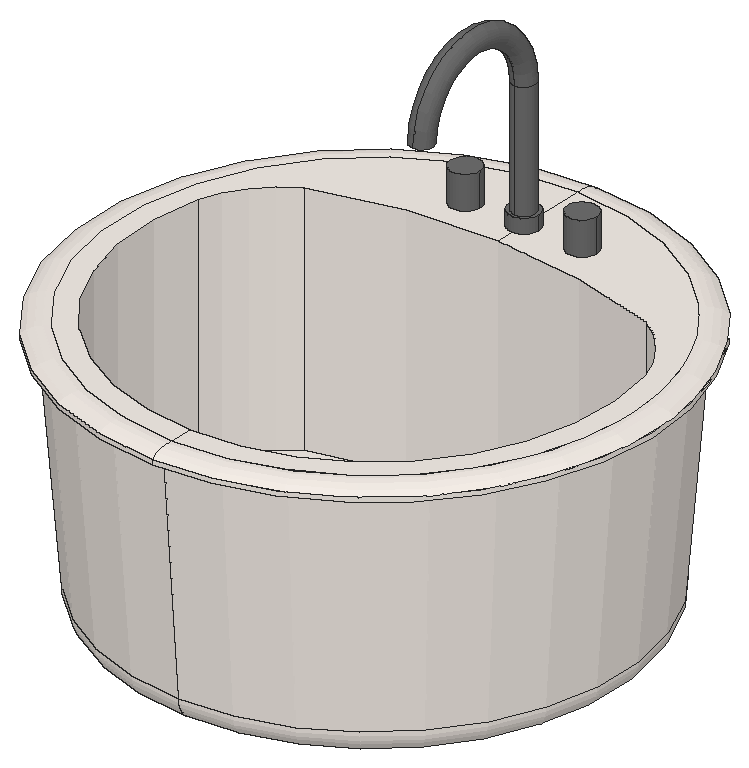
Revit family
Parameters (values of type "482 x 482mm")
  세면기 재료 = 자기 - 리넨
  설비 재료 = 금속 - 스틸, 광택
  작업대 상단 [instance] = 750.00 mm
Reference planes
  plane 1: z = 0
  plane 2 "중심(왼쪽/오른쪽)": x = 96.652
  plane 3 "작업대 상단": z = 750
  plane 4: z = 759.525
  plane 5: x = -144.648
  plane 6: x = 337.952
  plane 7: y = 85.168
  plane 8: y = 326.468
  plane 9: y = -156.132
  plane 10: y = 136.253
  plane 11 "찬": x = 147.452
  plane 12 "뜨거운": x = 45.852
  plane 13: y = 247.093
  plane 14 "스윕": x = 96.652
  plane 15: y = 247.093
  plane 16: z = 788.1
  plane 17: z = 534.1
  plane 18: z = 771.76
  plane 19: z = 555.284
Forms (mm)
  Revolve 1, solid, material "자기 - 리넨" <- "세면기 재료"
    sketch origin (96.652, 0, 0) x (0, 1, 0) y (0, 0, 1)
      loop
        line (326.468, 750) -> (326.468, 753.969)
        arc (326.468, 753.969) -> (316.651, 758.824) -> (305.722, 759.525) r 27.884
        line (305.722, 759.525) -> (85.168, 759.525) -> (85.168, 534.1) -> (277.462, 534.1)
        arc (277.462, 534.1) -> (292.221, 540.344) -> (298.018, 555.284) r 20.566
        line (298.018, 555.284) -> (314.561, 750) -> (326.468, 750)
      axis (85.168, 759.525) -> (85.168, 534.1)
    angle from 0 to 360
  Extrusion 2, solid, material "금속 - 스틸, 광택" <- "설비 재료"
    sketch origin (0, 0, 0) x (1, 0, 0) y (0, 1, 0)
      loop
        circle (147.452, 247.093) r 12.7
    from 788.1 to 759.525
  Extrusion 3, solid, material "금속 - 스틸, 광택" <- "설비 재료"
    sketch origin (-101.6, 0, 0) x (1, 0, 0) y (0, 1, 0)
      loop
        circle (147.452, 247.093) r 12.7
    from 788.1 to 759.525
  Extrusion 4, solid, material "금속 - 스틸, 광택" <- "설비 재료"
    sketch origin (-50.8, 0, 0) x (1, 0, 0) y (0, 1, 0)
      loop
        circle (147.452, 247.093) r 12.7
    from 759.525 to 771.76
  Sweep 5, solid, material "금속 - 스틸, 광택" <- "설비 재료"
    path origin (96.652, 0, 0) x (0, -1, 0) y (0, 0, 1)
      loop
        line (-247.093, 759.525) -> (-247.093, 872.238)
        arc (-247.093, 872.238) -> (-191.673, 927.658) -> (-136.253, 872.238) r 55.42
    profile origin (96.652, 0, 815.881) x (0, 1, 0) y (-1, 0, 0)
      loop
        circle (247.093, 0) r 9.525
  Extrusion 6, void
    sketch origin (0, 0, 0) x (1, 0, 0) y (0, 1, 0)
      loop
        arc (-52.153, 194.086) -> (-80.443, 169.371) -> (-98.17, 136.253) r 104.55
        arc (-98.17, 136.253) -> (96.652, -116.241) -> (291.474, 136.253) r 201.408
        arc (291.474, 136.253) -> (273.746, 169.371) -> (245.457, 194.086) r 104.55
        arc (245.457, 194.086) -> (96.652, 219.266) -> (-52.153, 194.086) r 452.283
    from 759.525 to 555.284
Cuts and joins
  Extrusion 6 cuts Revolve 1
  Extrusion 6 cuts Extrusion 2
  Extrusion 6 cuts Extrusion 3
  Extrusion 6 cuts Extrusion 4
  Extrusion 6 cuts Sweep 5
  joined: Extrusion 4, Sweep 5
Lines and regions (mm)
  Masking region 1
    outline origin (0, 0, 750) x (0, -1, 0) y (1, 0, 0)
      loop
        circle (-85.168, 96.652) r 241.3
  symbolic lines
    curve 1: arc (337.952, 85.168, 750) -> (96.652, 326.468, 750) -> (-144.648, 85.168, 750) r 241.3
    curve 2: arc (-144.648, 85.168, 750) -> (96.652, -156.132, 750) -> (337.952, 85.168, 750) r 241.3
    curve 3: arc (117.289, 85.168, 750) -> (96.652, 105.805, 750) -> (76.014, 85.168, 750) r 20.637
    curve 4: arc (76.014, 85.168, 750) -> (96.652, 64.53, 750) -> (117.289, 85.168, 750) r 20.637
    curve 5: arc (160.152, 247.093, 750) -> (147.452, 259.793, 750) -> (134.752, 247.093, 750) r 12.7
    curve 6: arc (134.752, 247.093, 750) -> (147.452, 234.393, 750) -> (160.152, 247.093, 750) r 12.7
    curve 7: arc (106.177, 247.093, 750) -> (96.652, 256.618, 750) -> (87.127, 247.093, 750) r 9.525
    curve 8: arc (58.552, 247.093, 750) -> (45.852, 259.793, 750) -> (33.152, 247.093, 750) r 12.7
    curve 9: arc (33.152, 247.093, 750) -> (45.852, 234.393, 750) -> (58.552, 247.093, 750) r 12.7
    curve 10: arc (-98.17, 136.253, 750) -> (96.652, -116.241, 750) -> (291.474, 136.253, 750) r 201.408
    curve 11: arc (-98.17, 136.253, 750) -> (-80.443, 169.371, 750) -> (-52.153, 194.086, 750) r 104.55
    curve 12: arc (291.474, 136.253, 750) -> (273.746, 169.371, 750) -> (245.457, 194.086, 750) r 104.55
    curve 13: arc (-52.153, 194.086, 750) -> (16.5, 212.107, 750) -> (87.127, 219.166, 750) r 452.283
    curve 14: line (87.127, 247.093, 750) -> (87.127, 136.253, 750)
    curve 15: line (106.177, 247.093, 750) -> (106.177, 136.253, 750)
    curve 16: arc (87.127, 136.253, 750) -> (96.652, 126.728, 750) -> (106.177, 136.253, 750) r 9.525
    curve 17: arc (106.177, 219.166, 750) -> (176.804, 212.107, 750) -> (245.457, 194.086, 750) r 452.283
Dimensions and locks
  locked: plane 4 to plane 3 "작업대 상단" at 9.525
  locked: plane 5 to plane 2 "중심(왼쪽/오른쪽)" at 241.3
  locked: plane 2 "중심(왼쪽/오른쪽)" to plane 6 at 241.3
  plane 7 to plane 8 = 241.30 mm
  plane 9 to plane 7 = 241.30 mm
  locked: plane 12 "뜨거운" to plane 2 "중심(왼쪽/오른쪽)" at 50.8
  locked: plane 2 "중심(왼쪽/오른쪽)" to plane 11 "찬" at 50.8
  locked: plane 13 to plane 8 at 79.375
  "작업대 상단": plane 3 "작업대 상단" to plane 1
  locked: plane 16 to plane 3 "작업대 상단" at 38.1
  locked: plane 3 "작업대 상단" to plane 17 at 215.9
  locked: plane 18 to plane 4 at 12.235
  locked: plane 19 to plane 17 at 21.184
  aligned and locked: plane 16 to Extrusion 2
  aligned and locked: plane 4 to Extrusion 2
  aligned and locked: Extrusion 2 to Extrusion 3
  aligned and locked: plane 4 to Extrusion 3
  aligned and locked: Revolve 1 sketch curve to plane 17
  aligned and locked: Extrusion 6 to plane 4
  aligned and locked: Extrusion 4 to plane 18
  aligned and locked: plane 4 to Extrusion 4
  aligned and locked: Masking region 1 sketch curve to curve 2
  aligned and locked: Revolve 1 to Extrusion 6
Automatic sketch dimensions
  Extrusion 2 sketch curve to plane 13 = 0.00 mm
  Extrusion 2 sketch curve to plane 11 "찬" = 0.00 mm
  Extrusion 2 sketch curve to Extrusion 2 sketch curve = 12.70 mm
  Extrusion 3 sketch curve to Extrusion 3 sketch curve = 12.70 mm
  Extrusion 3 sketch curve to plane 13 = 0.00 mm
  Extrusion 3 sketch curve to plane 11 "찬" = 101.60 mm
  Extrusion 4 sketch curve to Extrusion 4 sketch curve = 12.70 mm
  Extrusion 4 sketch curve to plane 13 = 0.00 mm
  Extrusion 4 sketch curve to plane 11 "찬" = 50.80 mm
  Sweep 5 sketch curve to plane 13 = 0.00 mm
  Sweep 5 sketch curve to plane 10 = 0.00 mm
  Sweep 5 sketch curve to plane 4 = 0.00 mm
  Sweep 5 sketch curve to plane 3 "작업대 상단" = 122.238 mm
  Sweep 5 sketch curve to plane 14 "스윕" = 0.00 mm
  Sweep 5 sketch curve to profile plane = 0.00 mm
  profile plane to Sweep 5 sketch curve = 9.525 mm
  Revolve 1 sketch curve to plane 7 = 0.00 mm  (x2)
  Revolve 1 sketch curve to level = 0.00 mm
  Revolve 1 sketch curve to plane 4 = 0.00 mm  (x2)
  Revolve 1 sketch curve to plane 3 "작업대 상단" = 0.00 mm
  Revolve 1 sketch curve to plane 8 = 0.00 mm
  plane 8 to Revolve 1 sketch curve = 49.006 mm
  Revolve 1 sketch curve to Revolve 1 sketch curve = 20.556 mm
  plane 8 to Revolve 1 sketch curve = 20.745 mm
  Revolve 1 sketch curve to Revolve 1 sketch curve = 17.03 mm
  plane 8 to Revolve 1 sketch curve = 11.906 mm
  Revolve 1 sketch curve to Revolve 1 sketch curve = 20.566 mm
  Revolve 1 sketch curve to Revolve 1 sketch curve = 18.111 mm
  Extrusion 6 sketch curve to plane 10 = 0.00 mm  (x2)
  Extrusion 6 sketch curve to plane 2 "중심(왼쪽/오른쪽)" = 0.00 mm  (x2)
  Extrusion 6 sketch curve to plane 7 = 0.00 mm
  Extrusion 6 sketch curve to plane 7 = 19.108 mm  (x2)
  Extrusion 6 sketch curve to plane 2 "중심(왼쪽/오른쪽)" = 95.283 mm
  Extrusion 6 sketch curve to Extrusion 6 sketch curve = 53.522 mm
  Extrusion 6 sketch curve to Extrusion 6 sketch curve = 46.017 mm
  plane 2 "중심(왼쪽/오른쪽)" to Extrusion 6 sketch curve = 95.283 mm
  plane 9 to Extrusion 6 sketch curve = 76.885 mm
  curve 1 to curve 3 = 0.00 mm  (x2)
  curve 1 to curve 10 = 0.00 mm  (x2)
  curve 13 to curve 17 = 0.00 mm  (x2)
  curve 9 to plane 12 "뜨거운" = 0.00 mm
  curve 9 to plane 13 = 0.00 mm
  curve 15 to plane 13 = 0.00 mm
  curve 6 to plane 13 = 0.00 mm
  curve 15 to plane 10 = 0.00 mm
  curve 10 to plane 10 = 0.00 mm
  curve 11 to plane 10 = 0.00 mm
  curve 3 to plane 7 = 0.00 mm
  curve 13 to plane 2 "중심(왼쪽/오른쪽)" = 0.00 mm
  curve 1 to plane 5 = 0.00 mm
  curve 4 to plane 2 "중심(왼쪽/오른쪽)" = 0.00 mm
  curve 16 to plane 2 "중심(왼쪽/오른쪽)" = 0.00 mm
  curve 5 to plane 11 "찬" = 0.00 mm
  curve 7 to curve 13 = 27.927 mm
  curve 17 to curve 13 = 0.00 mm
  plane 13 to curve 12 = 53.007 mm
  curve 12 to plane 7 = 19.108 mm
  curve 11 to plane 7 = 19.108 mm
  curve 11 to plane 5 = 46.478 mm
  curve 10 to curve 11 = 46.017 mm
  curve 8 to plane 12 "뜨거운" = 12.70 mm
  curve 3 to plane 2 "중심(왼쪽/오른쪽)" = 20.637 mm
  curve 14 to plane 2 "중심(왼쪽/오른쪽)" = 9.525 mm
  curve 6 to plane 11 "찬" = 12.70 mm
  plane 11 "찬" to curve 12 = 44.483 mm
